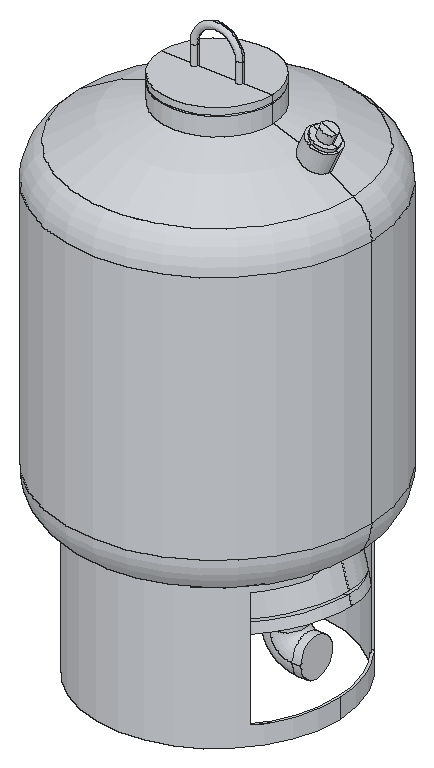
Revit family
Parameters (values of type "WX-447-C 125# W.P.")
  Weight = "263 lbs"
  Tank Volume = "53 Gal"
  Tank Radius = 12.000"
  Tank Only = 31.813"
  Tank Height/Length = 41.688"
  Tank Diameter = Tank Radius * 2  # 24.000"
  Pipe Connection Radius = 1.000"
  Pipe Connection Diameter = Pipe Connection Radius * 2  # 2.000"
  Model = "WX-447-C"
  Maximum Acceptance Volume = "34 Gal"
  Max Operating Temp = "240 Deg F"
  Max Operating Pressure = "125 PSI"
  Manufacturer = "Amtrol"
  Lifting Ring Location = Tank Only / 2  # 15.9065"
  Floor to Elbow Centerline = 3.750"
  Floor to Bottom of Tank = 8.438"
  Bladder/Diaphragm = "Bladder"
  ASME = yes
Types (17): name | Weight | Tank Volume | Tank Only | Tank Height/Length | Model | Maximum Acceptance Volume | Max Operating Pressure | Lifting Ring Location
  (no name) | "263 lbs" | "53 Gal" | 31.813" | 41.688" | "WX-447-C" | "34 Gal" | "125 PSI" | 15.9065"
  WX-447-C 125# W.P. | "263 lbs" | "53 Gal" | 31.813" | 41.688" | "WX-447-C" | "34 Gal" | "125 PSI" | 15.9065"
  WX-447-C 150# W.P. 10 BAR | "420 lbs" | "53 Gallons" | 31.813" | 41.688" | "WX-447-C" | "34 Gallons" | "150 PSI" | 15.9065"
  WX-447-C 175# W.P. | "420 lbs" | "53 Gallons" | 31.813" | 41.688" | "WX-447-C" | "34 Gallons" | "175 PSI" | 15.9065"
  WX-447-C 250# W.P. | "336 lbs" | "53 Gallons" | 32.625" | 42.500" | "WX-447-C" | "34 Gallons" | "250 PSI" | 16.3125"
  WX-448-C 125# W.P. | "330 lbs" | "80 Gallons" | 45.750" | 55.625" | "WX-448-C" | "52 Gallons" | "125 PSI" | 22.875"
  WX-448-C 150# W.P. 10 BAR | "400 lbs" | "80 Gallons" | 45.750" | 55.625" | "WX-448-C" | "52 Gallons" | "150 PSI" | 22.875"
  WX-448-C 175# W.P. | "245 lbs" | "80 Gallons" | 45.750" | 55.625" | "WX-448-C" | "52 Gallons" | "175 PSI" | 22.875"
  WX-448-C 250# W.P. | "403 lbs" | "80 Gallons" | 44.813" | 54.688" | "WX-448-C" | "52 Gallons" | "250 PSI" | 22.4065"
  WX-449-C 125# W.P. | "319 lbs" | "106 Gallons" | 59.688" | 69.563" | "WX-449-C" | "69 Gallons" | "125 PSI" | 29.844"
  WX-449-C 150# W.P. 10 BAR | "392 lbs" | "106 Gallons" | 59.688" | 69.563" | "WX-449-C" | "69 Gallons" | "150 PSI" | 29.844"
  WX-449-C 175# W.P. | "405 lbs" | "106 Gallons" | 59.688" | 69.563" | "WX-449-C" | "69 Gallons" | "175 PSI" | 29.844"
  WX-449-C 250# W.P. | "493 lbs" | "106 Gallons" | 60.500" | 70.375" | "WX-449-C" | "69 Gallons" | "250 PSI" | 30.250"
  WX-450-C 125# W.P. | "351 lbs" | "132 Gallons" | 73.250" | 83.125" | "WX-450-C" | "85 Gallons" | "125 PSI" | 36.625"
  WX-450-C 150# W.P. 10 BAR | "392 lbs" | "132 Gallons" | 73.250" | 83.125" | "WX-450-C" | "85 Gallons" | "150 PSI" | 36.625"
  WX-450-C 175# W.P. | "454 lbs" | "132 Gallons" | 73.250" | 83.125" | "WX-450-C" | "85 Gallons" | "175 PSI" | 36.625"
  WX-450-C 250# W.P. | "570 lbs" | "132 Gallons" | 74.438" | 84.313" | "WX-450-C" | "85 Gallons" | "250 PSI" | 37.219"
Reference planes (in)
  plane 1 "Center (Front/Back)": y = 0
  plane 2: z = 0
  plane 3 "Center (Left/Right)": x = 0
Forms (in)
  Revolve 1, solid
    sketch origin (0, 0, 0) x (1, 0, 0) y (0, 0, 1)
      loop
        arc (10.64583, 36.82425) -> (5.59188, 39.3732) -> (0, 40.251) r 18.25
        line (0, 40.251) -> (0, 8.438)
        arc (0, 8.438) -> (5.59175, 9.31574) -> (10.64565, 11.86452) r 18.2505
        arc (10.64565, 11.86452) -> (11.64162, 13.02092) -> (11.99995, 14.50444) r 3.25013
        line (11.99995, 14.50444) -> (11.99995, 34.16664)
        arc (11.99995, 34.16664) -> (11.64577, 35.65996) -> (10.64583, 36.82425) r 3.25
      axis (0, 8.438) -> (0, 40.251)
    angle from 0 to 360
  Revolve 2, solid
    sketch origin (0, 0, 0) x (1, 0, 0) y (0, 0, 1)
      loop
        line (0, 41.688) -> (0, 39.52192) -> (4.3125, 39.52192) -> (4.3125, 41.063) -> (3.56629, 41.063) -> (3.56629, 41.188) -> (4.3125, 41.188) -> (4.3125, 41.688) -> (0, 41.688)
      axis (0, 39.52192) -> (0, 41.688)
    angle from 0 to 360
  Revolve 3, solid
    sketch origin (0, 0, 0) x (1, 0, 0) y (0, 0, 1)
      loop
        line (8.74022, 40.86733) -> (7.54988, 38.31463) -> (8.69211, 37.782) -> (9.45983, 39.4284) -> (9.25855, 39.52226) -> (9.3642, 39.74884) -> (8.98748, 39.9245) -> (9.30445, 40.60423) -> (8.74022, 40.86733)
      axis (7.54988, 38.31463) -> (8.74022, 40.86733)
    angle from 0 to 360
  Sweep 4, solid
    path origin (0, 0, 0) x (1, 0, 0) y (0, 0, 1)
      loop
        line (-1.748, 41.688) -> (-1.748, 43.188)
        arc (-1.748, 43.188) -> (0.0155, 44.9515) -> (1.779, 43.188) r 1.7635
        line (1.779, 43.188) -> (1.779, 41.688)
    profile origin (-1.748, 0, 42.438) x (-1, 0, 0) y (0, -1, 0)
      loop
        circle (0, 0) r 0.25
  Revolve 5, solid
    sketch origin (0, 0, 0) x (1, 0, 0) y (0, 0, 1)
      loop
        line (-9.5, 0) -> (-9.3125, 0) -> (-9.3125, 11.41933) -> (-9.5, 11.41933) -> (-9.5, 0)
      axis (0, 0) -> (0, 11.41933)
    angle from 0 to 360
  Extrusion 6, void
    sketch origin (0, 0, 0) x (0, 1, 0) y (0, 0, 1)
      loop
        line (6, 1.5) -> (6, 10.70315) -> (-6, 10.70315) -> (-6, 1.5) -> (6, 1.5)
    from 0 to 15.17847
  Revolve 7, solid
    sketch origin (0, 0, 0) x (1, 0, 0) y (0, 0, 1)
      loop
        line (9.59055, 11.38449) -> (4.52155, 10.02625) -> (5.36271, 6.887) -> (10.44675, 8.24926) -> (10.2354, 8.9863) -> (9.32062, 8.72399) -> (9.25648, 8.94767) -> (10.21082, 9.22132) -> (9.59055, 11.38449)
      axis (4.52155, 10.02625) -> (5.36271, 6.887)
    angle from 0 to 360
  Revolve 8, solid
    sketch origin (0, 0, 0) x (1, 0, 0) y (0, 0, 1)
      loop
        line (5.33036, 5.87) -> (6.58173, 5.87) -> (6.58173, 8.0073) -> (5.33036, 8.0073) -> (5.33036, 5.87)
      axis (5.33036, 8.0073) -> (5.33036, 5.87)
    angle from 0 to 360
  Sweep 9, solid
    path origin (0, 0, 0) x (1, 0, 0) y (0, 0, 1)
      loop
        line (5.33036, 5.87) -> (5.33036, 5.46)
        arc (5.33036, 5.46) -> (5.83121, 4.25085) -> (7.04036, 3.75) r 1.71
        line (7.04036, 3.75) -> (7.72492, 3.75)
    profile origin (5.33036, 0, 5.665) x (0, -1, 0) y (1, 0, 0)
      loop
        circle (0, 0) r 1.5
  Sweep 10, solid
    path origin (0, 0, 0) x (1, 0, 0) y (0, 0, 1)
      loop
        line (-11.89139, 26.10965) -> (-12.89139, 26.10965)
        arc (-12.89139, 26.10965) -> (-14.64139, 24.35965) -> (-12.89139, 22.60965) r 1.75
        line (-12.89139, 22.60965) -> (-11.89139, 22.60965)
    profile origin (-12.39139, 0, 26.10965) x (0, 0, -1) y (0, -1, 0)
      loop
        circle (0, 0) r 0.25
Cuts and joins
  Extrusion 6 cuts Revolve 5
Lines and regions (in)
  reference lines
    curve 1: line (0, 0, 8.45315) -> (-0.33631, 0, 8.45315)
Dimensions and locks (in)
  "Tank Only": Revolve 1 sketch curve to Revolve 1 sketch curve
  Revolve 1 sketch curve to Revolve 1 sketch curve = 15.000"
  Revolve 2 sketch curve to Revolve 1 = 5.35527"  (x2)
  Revolve 3 sketch curve to Revolve 1 = 3.61535"
  Revolve 3 sketch curve to Revolve 1 = 4.14798"
  Sweep 4 sketch curve to Revolve 2 = 0.625"  (x2)
  "Floor to Elbow Centerline": Sweep 9 sketch curve to level
  Revolve 3 sketch curve to Revolve 3 sketch curve = 1.8166"
  Revolve 3 sketch curve to Revolve 3 sketch curve = 2.0666"
  Revolve 3 sketch curve to Revolve 3 sketch curve = 2.8166"
  Revolve 3 sketch curve to Revolve 3 sketch curve = 1.26031"
  "Floor to Bottom of Tank": Revolve 1 sketch curve to level
  "Tank Height/Length": Revolve 2 sketch curve to cut or joined group of Revolve 5, Extrusion 6
  "Lifting Ring Location": Sweep 10 sketch curve to curve 1
  radius of Revolve 1 sketch curve = 3.250"
  radius of Revolve 1 sketch curve = 18.250"
  radius of Revolve 1 sketch curve = 3.25013"
  radius of Revolve 1 sketch curve = 18.2505"
  aligned and locked: import instance to plane 1 "Center (Front/Back)"
Automatic sketch dimensions
  Revolve 1 sketch curve to plane 3 "Center (Left/Right)" = 0.000"  (x2)
  Revolve 1 sketch curve to plane 3 "Center (Left/Right)" = 0.00002"
  plane 3 "Center (Left/Right)" to Revolve 1 sketch curve = 8.74982"
  Revolve 1 sketch curve to Revolve 1 sketch curve = 3.24995"
  Revolve 1 sketch curve to Revolve 1 sketch curve = 1.3543"
  Revolve 1 sketch curve to Revolve 1 sketch curve = 0.000"
  Revolve 1 sketch curve to Revolve 1 sketch curve = 7.16777"
  Revolve 2 sketch curve to plane 3 "Center (Left/Right)" = 0.000"  (x2)
  plane 3 "Center (Left/Right)" to Revolve 2 sketch curve = 3.56629"
  Revolve 2 sketch curve to Revolve 2 sketch curve = 0.74621"
  Revolve 2 sketch curve to Revolve 2 sketch curve = 0.000"
  Revolve 2 sketch curve to Revolve 2 sketch curve = 0.125"
  Revolve 2 sketch curve to Revolve 2 sketch curve = 0.500"
  Revolve 2 sketch curve to Revolve 2 sketch curve = 2.32591"
  plane 3 "Center (Left/Right)" to Revolve 3 sketch curve = 7.54988"
  Revolve 3 sketch curve to Revolve 3 sketch curve = 0.000"  (x2)
  Revolve 3 sketch curve to Revolve 3 sketch curve = 0.24726"
  Revolve 3 sketch curve to Revolve 3 sketch curve = 0.27106"
  Revolve 3 sketch curve to Revolve 3 sketch curve = 0.60578"
  Revolve 3 sketch curve to Revolve 3 sketch curve = 1.2991"
  Sweep 4 sketch curve to plane 3 "Center (Left/Right)" = 1.748"
  plane 3 "Center (Left/Right)" to Sweep 4 sketch curve = 0.0155"
  Sweep 4 sketch curve to Sweep 4 sketch curve = 1.500"
  plane 1 "Center (Front/Back)" to Sweep 4 sketch curve = 0.000"
  Sweep 4 sketch curve to profile plane = 0.000"
  Revolve 5 sketch curve to level = 0.000"  (x2)
  Revolve 5 sketch curve to plane 3 "Center (Left/Right)" = 0.000"
  Revolve 5 sketch curve to plane 3 "Center (Left/Right)" = 9.3125"
  Revolve 5 sketch curve to Revolve 5 sketch curve = 0.1875"
  level to Revolve 5 sketch curve = 11.41933"
  Revolve 5 sketch curve to Revolve 5 sketch curve = 2.33067"
  level to Extrusion 6 sketch curve = 1.500"
  plane 1 "Center (Front/Back)" to Extrusion 6 sketch curve = 6.000"
  Extrusion 6 sketch curve to plane 1 "Center (Front/Back)" = 6.000"
  Extrusion 6 sketch curve to Extrusion 6 sketch curve = 9.20315"
  plane 3 "Center (Left/Right)" to Revolve 7 sketch curve = 4.52155"
  Revolve 7 sketch curve to Revolve 7 sketch curve = 0.000"  (x2)
  Revolve 7 sketch curve to Revolve 7 sketch curve = 0.84116"
  Revolve 7 sketch curve to Revolve 7 sketch curve = 0.24303"
  Revolve 7 sketch curve to Revolve 7 sketch curve = 3.89377"
  Revolve 7 sketch curve to Revolve 7 sketch curve = 0.06414"
  Revolve 7 sketch curve to Revolve 7 sketch curve = 0.33406"
  Revolve 7 sketch curve to Revolve 7 sketch curve = 0.95434"
  Revolve 7 sketch curve to Revolve 7 sketch curve = 0.02458"
  level to Revolve 7 sketch curve = 8.24926"
  Revolve 7 sketch curve to Revolve 7 sketch curve = 0.21134"
  Revolve 7 sketch curve to Revolve 7 sketch curve = 1.36226"
  Revolve 7 sketch curve to Revolve 7 sketch curve = 0.907"
  plane 3 "Center (Left/Right)" to Revolve 8 sketch curve = 5.33036"
  Revolve 8 sketch curve to Revolve 8 sketch curve = 0.000"  (x2)
  Revolve 8 sketch curve to Revolve 8 sketch curve = 1.25137"
  level to Revolve 8 sketch curve = 5.460"
  Revolve 8 sketch curve to Revolve 8 sketch curve = 0.410"
  Revolve 8 sketch curve to Revolve 8 sketch curve = 2.1373"
  plane 3 "Center (Left/Right)" to Sweep 9 sketch curve = 5.33036"
  Sweep 9 sketch curve to Sweep 9 sketch curve = 1.710"
  Sweep 9 sketch curve to Sweep 9 sketch curve = 0.68456"
  Sweep 9 sketch curve to Sweep 9 sketch curve = 0.410"
  Sweep 9 sketch curve to Sweep 9 sketch curve = 0.000"
  plane 1 "Center (Front/Back)" to Sweep 9 sketch curve = 0.000"
  Sweep 9 sketch curve to profile plane = 0.000"
  curve 1 to plane 3 "Center (Left/Right)" = 0.000"
  curve 1 to curve 1 = 0.33631"
  level to curve 1 = 8.45315"
  Sweep 10 sketch curve to plane 3 "Center (Left/Right)" = 12.89139"
  Sweep 10 sketch curve to Sweep 10 sketch curve = 1.000"  (x2)
  Sweep 10 sketch curve to Sweep 10 sketch curve = 1.750"
  Sweep 10 sketch curve to plane 1 "Center (Front/Back)" = 0.000"
  Sweep 10 sketch curve to profile plane = 0.000"
  radius of Sweep 4 sketch curve = 0.250"
  radius of Sweep 9 sketch curve = 1.500"
  radius of Sweep 10 sketch curve = 0.250"
Connectors (in)
  piping at (7.72492, 0, 3.75), driven by "Pipe Connection Radius"
    settings: on Sweep 9, index 1
